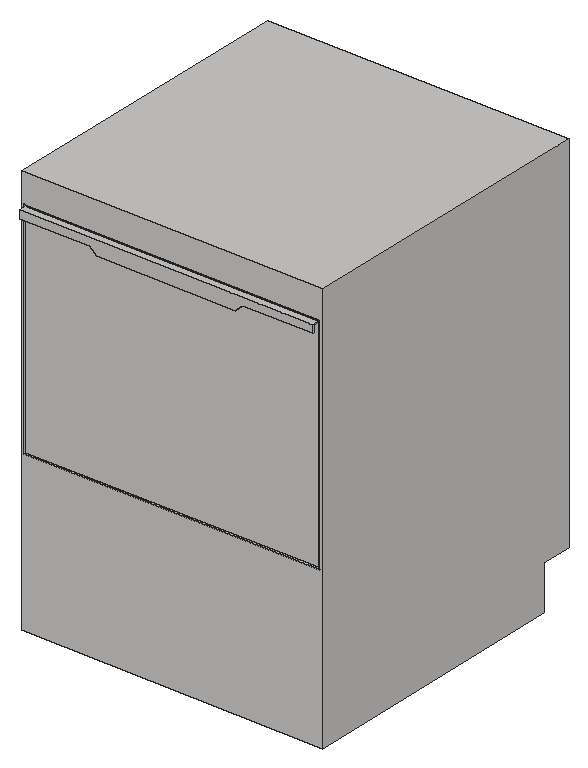
Revit family "QF_ELECTROLUXPROFESSIONAL_400217_ELA1P", category Specialty Equipment, Revit 2018
Family settings
  Round Connector Dimension = Use Diameter
  Part Type = Normal
  Work Plane-Based = No
  Always vertical = Yes
  Cut with Voids When Loaded = No
  Shared = No
  Room Calculation Point = No
Parameters (values of type "Standard")
  Weight = 60.00 kg
  Watts = 0 W
  Volts = 230 V
  URL Manufacturer = "http://professional.electrolux.com"
  URL = "http://professional.electrolux.com"
  Steam Supply Size = 0 mm
  Steam Supply Minimum Pressure = 0.0 Pa
  Steam Supply Maximum Pressure = 0.0 Pa
  Steam Pounds per Hour = 0
  Show Logo [instance] = yes
  Show Clearance [instance] = yes
  Refrigeration Suction Line Size = 0 mm
  Refrigeration Liquid Line Size = 0 mm
  Refrigerant Compressor Remote = yes
  Manufacturer = "Electrolux Professional"
  Phase = 1
  Model = "ELA1P"
  Length Actual = 600 mm  # constant formula
  Item Number = "400217"
  Hot Water Size = 19.05 mm
  Height Actual = 820 mm  # constant formula
  HP = "4.9 HP"
  Gas Size = 0 mm
  Gas KW = 0
  Gas Input Pressure = 0 W
  Direct Waste Size = 40 mm
  Description = "UNDERCOUNTER(L), WASH-SAFE, 1PH, DRAIN PUMP, 720D/H"
  Depth Actual = 648 mm  # constant formula
  Cycle = 50 Hz
  Condensate Return Size = 0 mm
  Compressed Air Volume = 0.0 L/s
  Compressed Air Size = 0 mm
  Compressed Air Pressure = 0.0 Pa
  Cold Water Size = 0 mm
  Accessory = yes
Types (2, lengths in mm): name | URL | Manufacturer | Phase | Model | Hot Water Size | Description
  (no name) | "http://professional.electrolux.com/" | 0 | 0 | 0 | 0 | 0
  Standard | "http://professional.electrolux.com" | "Electrolux Professional" | 1 | "ELA1P" | 19.05 | "UNDERCOUNTER(L), WASH-SAFE, 1PH, DRAIN PUMP, 720D/H"
Values of the unnamed type that differ from the named types
  Volts = 0 V
  URL Manufacturer = ""
  Item Number = ""
  Cycle = 0 Hz
Reference planes
  plane 1 "Center (Front/Back)": y = 0
  plane 2: z = 0
  plane 3 "Center (Left/Right)": x = 0
  plane 4 "LEFT": x = -300
  plane 5 "RIGHT": x = 300
  plane 6 "FRONT": y = -306
  plane 7 "BACK": y = 306
  plane 8: x = -202.5
  plane 9: x = 202.5
  plane 10: z = 830
  plane 11: z = 10
Forms (mm)
  Extrusion 1, solid, material "QF_Finishes_Stainless Steel"
    sketch origin (0, 0, 0) x (1, 0, 0) y (0, 1, 0)
      loop
        line (-300, -306) -> (300, -306) -> (300, 245) -> (-300, 245) -> (-300, -306)
    from 10 to 830
  Extrusion 2, solid, material "QF_Finishes_Stainless Steel"
    sketch origin (0, 0, 0) x (1, 0, 0) y (0, 1, 0)
      loop
        line (-300, 245) -> (300, 245) -> (300, 306) -> (-300, 306) -> (-300, 245)
    from 100 to 830
  Extrusion 3, solid, material "QF_Finishes_Stainless Steel"
    sketch origin (0, 17.5, 0) x (1, 0, 0) y (0, 1, 0)
      loop
        circle (-254, 167.5) r 12.5
      loop
        circle (254, 167.5) r 12.5
      loop
        circle (-254, -263.5) r 12.5
      loop
        circle (254, -263.5) r 12.5
    from 0 to 10
  Extrusion 4, void
    sketch origin (-300, -306, 0) x (-1, 0, 0) y (0, 0, 1)
      loop
        line (-5, 773.217) -> (-595, 773.217) -> (-595, 327.335) -> (-5, 327.335) -> (-5, 773.217)
    from 0 to 30
  Extrusion 5, solid, material "QF_Finishes_Stainless Steel"
    sketch origin (-259, -389, 768) x (0, 0, -1) y (1, 0, 0)
      loop
        circle (693, 143) r 10
    from -634 to -695
  Extrusion 6, solid, material "QF_Door-Drawer Clearances", visible <- "Show Clearance", detail levels coarse
    sketch origin (-230, -282.5, 0) x (0, 1, 0) y (0, 0, -1)
      loop
        line (-23.5, -330.419) -> (-391.5, -330.419)
        arc (-391.5, -330.419) -> (-290.693, -619.855) -> (-23.5, -770) r 432.894
        line (-23.5, -770) -> (-23.5, -330.419)
    from 61.197 to -521.306
  Extrusion 7, solid, material "QF_Finishes_Stainless Steel"
    sketch origin (-315.481, -389, 738) x (0, 0, -1) y (1, 0, 0)
      loop
        circle (663, 252.481) r 8
    from -634 to -695
  Extrusion 8, solid, material "QF_Finishes_Stainless Steel"
    sketch origin (-230, -282.5, 0) x (0, 1, 0) y (0, 0, -1)
      loop
        line (-23.5, -330.419) -> (-23.5, -770) -> (1.5, -770) -> (1.5, -330.419) -> (-23.5, -330.419)
    from 61.197 to -521.306
  Extrusion 9, solid, material "QF_Finishes_Stainless Steel"
    sketch origin (-230, -297.5, 0) x (0, 1, 0) y (0, 0, -1)
      loop
        line (-8.5, -770) -> (-8.5, -767.514) -> (-21, -767.514) -> (-21, -741.25) -> (-23.5, -741.25) -> (-23.5, -770) -> (-8.5, -770)
    from 61.197 to -521.306
  Extrusion 10, void
    sketch origin (-230, -321, 770) x (0, 0, 1) y (1, 0, 0)
      loop
        line (-15.552, -61.197) -> (-15.552, 77.909) -> (-28.75, 91.107) -> (-28.75, -61.197) -> (-15.552, -61.197)
      loop
        line (-15.552, 521.197) -> (-28.75, 521.197) -> (-28.75, 368.893) -> (-15.552, 382.091) -> (-15.552, 521.197)
    from 0 to 2.5
  Extrusion 11, solid, material "QF_Finishes_Stainless Steel"
    sketch origin (-295.988, 885.897, 763.79) x (0, -1, 0) y (1, 0, 0)
      loop
        circle (611.5, 158) r 8
    from -663.79 to -673.79
Cuts and joins
  Extrusion 4 cuts Extrusion 1
  joined: Extrusion 1, Extrusion 2
  Extrusion 10 cuts Extrusion 8
  Extrusion 10 cuts Extrusion 9
Lines and regions (mm)
  Split face 1
    outline origin (-300, -306, 830) x (0, 0, -1) y (1, 0, 0)
      loop
        line (21.579, 283.75) -> (39.683, 283.75) -> (39.683, 316.25) -> (21.579, 316.25) -> (21.579, 283.75)
  Split face 2
    outline origin (-300, -306, 830) x (0, 0, -1) y (1, 0, 0)
      loop
        line (56.783, 595) -> (56.783, 600)
      loop
        arc (56.783, 412.5) -> (28.391, 440.891) -> (0, 412.5) r 28.391
  symbolic lines
    curve 1: line (-300, 306, 0) -> (300, 306, 0)
    curve 2: line (-300, -306, 0) -> (-300, 306, 0)
    curve 3: line (300, -306, 0) -> (-300, -306, 0)
    curve 4: line (300, 306, 0) -> (300, -306, 0)
    curve 9: line (-291.197, -306, 0) -> (-291.197, -321, 0)
    curve 10: line (291.306, -321, 0) -> (291.306, -306, 0)
    curve 11: line (-291.197, -321, 0) -> (291.306, -321, 0)
  symbolic lines, style "QF_Door-Drawer Clearances"
    curve 5: line (-291.197, -674, 0) -> (291.306, -674, 0)
    curve 6: line (291.306, -674, 0) -> (291.306, -306, 0)
    curve 7: line (-291.197, -674, 0) -> (-291.197, -306, 0)
  symbolic lines, style "SpecialityEquipmentHiddenLines"
    curve 8: line (-300, 245, 0) -> (300, 245, 0)
Dimensions and locks
  equal spacing: plane 4 "LEFT", plane 3 "Center (Left/Right)", plane 5 "RIGHT"
  equal spacing: plane 7 "BACK", plane 1 "Center (Front/Back)", plane 6 "FRONT"
  plane 7 "BACK" to plane 6 "FRONT" = 612 mm
  plane 4 "LEFT" to plane 5 "RIGHT" = 600 mm
  plane 4 "LEFT" to plane 8 = 97.5 mm
  plane 9 to plane 5 "RIGHT" = 97.5 mm
  plane 11 to level = 10 mm
  plane 4 "LEFT" to plane 3 "Center (Left/Right)" = 300 mm
  plane 10 to level = 830 mm  (x2)
  plane 8 to plane 9 = 405 mm
  Extrusion 11 sketch curve to plane 4 "LEFT" = 162.012 mm
  level to Extrusion 5 sketch curve = 75 mm
  Extrusion 5 sketch curve to plane 4 "LEFT" = 184 mm
  Extrusion 7 sketch curve to plane 4 "LEFT" = 237 mm
  level to Extrusion 7 sketch curve = 75 mm
  Extrusion 3 to cut or joined group of Extrusion 1, Extrusion 2, Extrusion 4 = 121 mm
  Extrusion 3 to Extrusion 3 = 431 mm
  plane 6 "FRONT" to Extrusion 3 = 60 mm
  plane 9 to plane 8 = 405 mm
  plane 7 "BACK" to curve 5 = 980 mm
  cut or joined group of Extrusion 1, Extrusion 2, Extrusion 4 to level = 327.335 mm
  aligned and locked: level to plane 2
  aligned and locked: Extrusion 1 sketch curve to plane 6 "FRONT"
  aligned and locked: Extrusion 1 sketch curve to plane 4 "LEFT"
  aligned and locked: plane 5 "RIGHT" to Extrusion 1 sketch curve
  aligned and locked: Extrusion 1 to plane 11
  aligned and locked: Extrusion 2 sketch curve to Extrusion 1
  aligned and locked: plane 5 "RIGHT" to Extrusion 2 sketch curve
  aligned and locked: plane 11 to Extrusion 3
  aligned and locked: cut or joined group of Extrusion 9, Extrusion 10 to Extrusion 10
Automatic sketch dimensions
  Extrusion 1 sketch curve to plane 7 "BACK" = 61 mm
  Extrusion 3 sketch curve to plane 8 = 51.5 mm  (x2)
  plane 9 to Extrusion 3 sketch curve = 51.5 mm  (x2)
  plane 6 "FRONT" to Extrusion 3 sketch curve = 60 mm  (x2)
  Extrusion 3 sketch curve to plane 7 "BACK" = 121 mm  (x2)
  Extrusion 4 sketch curve to Extrusion 1 = 5 mm  (x2)
  Extrusion 4 sketch curve to Extrusion 1 = 317.335 mm
  Extrusion 4 sketch curve to Extrusion 1 = 56.783 mm
  plane 6 "FRONT" to Extrusion 8 sketch curve = 0 mm
  Extrusion 8 sketch curve to Extrusion 8 sketch curve = 25 mm
  Extrusion 9 sketch curve to plane 6 "FRONT" = 15 mm
  Extrusion 9 sketch curve to Extrusion 9 sketch curve = 2.5 mm
  Extrusion 9 sketch curve to Extrusion 9 sketch curve = 12.5 mm
  Extrusion 9 sketch curve to plane 10 = 60 mm
  Extrusion 9 sketch curve to Extrusion 9 sketch curve = 2.486 mm
  Extrusion 9 sketch curve to Extrusion 9 sketch curve = 26.264 mm
  Extrusion 2 sketch curve to Extrusion 2 sketch curve = 61 mm
  Split face 1 sketch curve to cut or joined group of Extrusion 1, Extrusion 2, Extrusion 4 = 21.579 mm
  Split face 1 sketch curve to Split face 1 sketch curve = 18.104 mm
  Split face 1 sketch curve to cut or joined group of Extrusion 1, Extrusion 2, Extrusion 4 = 278.75 mm
  Split face 1 sketch curve to Split face 1 sketch curve = 32.5 mm
  plane 11 to Extrusion 8 sketch curve = 320.419 mm
  Extrusion 8 sketch curve to plane 10 = 60 mm
  Extrusion 10 sketch curve to Extrusion 9 = 0 mm  (x2)
  Extrusion 9 to Extrusion 10 sketch curve = 0 mm
  Extrusion 10 sketch curve to Extrusion 9 = 13.198 mm  (x2)
  Extrusion 10 sketch curve to Extrusion 9 = 139.107 mm
  Extrusion 10 sketch curve to Extrusion 10 sketch curve = 13.198 mm  (x2)
  Extrusion 10 sketch curve to Extrusion 9 = 152.413 mm
  Extrusion 10 sketch curve to Extrusion 9 = 0.109 mm
  curve 3 to plane 4 "LEFT" = 0 mm
  curve 7 to plane 6 "FRONT" = 0 mm
  curve 4 to plane 5 "RIGHT" = 0 mm
  curve 2 to plane 7 "BACK" = 0 mm
  plane 4 "LEFT" to curve 5 = 8.803 mm
  curve 5 to plane 5 "RIGHT" = 8.694 mm
  plane 4 "LEFT" to curve 11 = 8.803 mm
  curve 10 to plane 5 "RIGHT" = 8.694 mm
  curve 11 to plane 6 "FRONT" = 15 mm
  curve 8 to plane 7 "BACK" = 61 mm
  Extrusion 2 sketch curve to plane 7 "BACK" = 0 mm
  Split face 2 sketch curve to cut or joined group of Extrusion 1, Extrusion 2, Extrusion 4 = 0 mm  (x5)
  Split face 2 sketch curve to cut or joined group of Extrusion 1, Extrusion 2, Extrusion 4 = 182.5 mm
  Extrusion 11 sketch curve to plane 7 "BACK" = 31.603 mm
  Extrusion 6 sketch curve to plane 6 "FRONT" = 0 mm
  plane 6 "FRONT" to Extrusion 6 sketch curve = 64.74 mm
  plane 11 to Extrusion 6 sketch curve = 331.974 mm
  Extrusion 6 sketch curve to Extrusion 6 sketch curve = 11.555 mm
  Extrusion 6 sketch curve to plane 6 "FRONT" = 368 mm
  radius of Extrusion 5 sketch curve = 10 mm
  radius of Extrusion 7 sketch curve = 8 mm
  radius of Extrusion 3 sketch curve = 12.5 mm  (x4)
  radius of Extrusion 11 sketch curve = 8 mm
Connectors
  piping at (-116, 306, 75), diameter 20
    settings: on Extrusion 5, index 1, connector inside diameter 609.6 mm, connector length 0 mm, flow factor 0, pipe flow 0.0 L/s, pressure drop 0.0 Pa, fitting loss kfactor 0, connector angle 0.00°, fixture units 0, engagement length 0 mm, angle of deflection 0.00°, flow configuration 1, flow direction 1, fitting loss method 0, system type 16, joint type 0, gender type 0, connector reference index -1, connector utility 0, adjustable connector no, is connector primary yes, connector description "Drain"
  piping at (-63, 306, 75), diameter 16
    settings: on Extrusion 7, index 3, connector inside diameter 609.6 mm, connector length 0 mm, flow factor 0, pipe flow 0.0 L/s, pressure drop 0.0 Pa, fitting loss kfactor 0, connector angle 0.00°, fixture units 0, engagement length 0 mm, angle of deflection 0.00°, flow configuration 1, flow direction 1, fitting loss method 0, system type 20, joint type 0, gender type 0, connector reference index -1, connector utility 0, adjustable connector no, is connector primary no, connector description "Cold Water Inlet"
  electrical at (-137.988, 274.397, 90), driven by "Volts"
    settings: on Extrusion 11, index 4, voltage 230 V, apparent load 0 VA, apparent load phase1 0 VA, apparent load phase2 0 VA, apparent load phase3 0 VA, power factor 1, load classification "Altro", number of poles 1, system type 31, power factor state 1, is connector primary yes, connector utility no, sub classification motor no, connector description "Electrical Connection"
